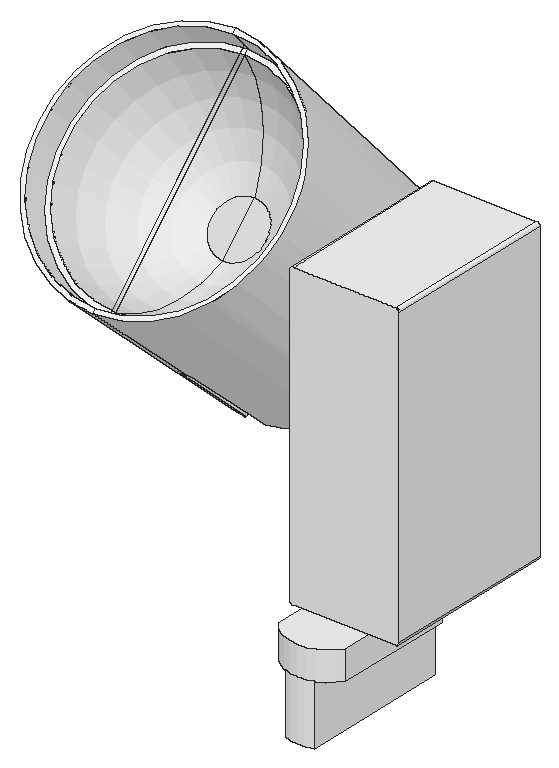
Revit family "0004830 Feilo Sylvania Lighting Fixture START TRACK SPOT L 35W 4K RA80 MB WHITE", category Lighting Fixtures, host Face, Revit 2017 (continued)
Definition of nested family "Start Track Spot Head"
  Types (96, lengths in mm): name | Wattage | built-in parameter 1150134 | Photometric Web File | Model | built-in parameter 1150105 | Lumens | built-in parameter 1150107 | built-in parameter 1150106 | HeadThickness_FEILO | HeadRibOffset_FEILO | HeadRibDepth_FEILO | HeadRibCutWidth_FEILO | HeadRibCutOffset_FEILO | HeadReflectorRadius_FEILO | HeadReflectorOffset_FEILO | HeadLEDRadius_FEILO | HeadHeight_FEILO | HeadDiffusorOffset_FEILO | HeadDiaOut_FEILO | HeadDiaIn_FEILO | HeadAxisFromTop_FEILO | Emit from Circle Diameter | built-in parameter 1150104 | Description | Apparent Load
    0004864 START TRACK SPOT S 24W 3K RA90 WB WHITE | 24 W | (empty or 0) | "0004864.ies" | "START TRACK SPOT S 24W 3K RA90 WB WHITE" | 152.79 (stored number, unit not read) | 1920 lm | 3000 (stored number, unit not read) | 1.5279 (stored number, unit not read) | 1.5 | 4.179 | 55.714 | 7.167 | 50.87 | 50.588 | 55.714 | 9.556 | 117 | 9.435 | 86 | 77.477 | 69.354 | 77.477 | 7.4322 (stored number, unit not read) | "Integrated LED spotlight, Textured White - RAL9016, compact and minimalist design, ideal for retail applications, die-cast aluminium body, passive cooling heatsink. Beam angle: 64°, color temperature: 3000K , total system power: 24W, total fixture output: 1928 lm, LOR: 100%, colour rendering: Ra: 90 typical, LED Chromaticity: 3 step MacAdam ellipse, lifetime: >50000 hours at L70B50, energy class: A++, A+, A, IR/UV free light source without heat radiation, operating voltage: 220-240V / 50-60Hz, drive current: 600mA, electronic driver, non-dimmable, power factor: 0.95, electrical protection: Class II, Global Track 3 Phase adapter suitable for Global trac 3-circuit tracks, ingress protection rating: IP20, suitable for internal environment only, horizontal rotation: 355°, vertical tilt: 90°, dimensions: Ø86x140x200, weight: 0.966kg." | 24 VA
    0004863 START TRACK SPOT S 24W 3K RA90 MB WHITE | 24 W | (empty or 0) | "0004863.ies" | "START TRACK SPOT S 24W 3K RA90 MB WHITE" | 154.7 (stored number, unit not read) | 1944 lm | 3000 (stored number, unit not read) | 1.547 (stored number, unit not read) | 1.5 | 4.179 | 55.714 | 7.167 | 50.87 | 50.588 | 55.714 | 9.556 | 117 | 9.435 | 86 | 77.477 | 69.354 | 77.477 | 7.5251 (stored number, unit not read) | "Integrated LED spotlight, Textured White - RAL9016, compact and minimalist design, ideal for retail applications, die-cast aluminium body, passive cooling heatsink. Beam angle: 36°, color temperature: 3000K , total system power: 24W, total fixture output: 1944 lm, LOR: 100%, colour rendering: Ra: 90 typical, LED Chromaticity: 3 step MacAdam ellipse, lifetime: >50000 hours at L70B50, energy class: A++, A+, A, IR/UV free light source without heat radiation, operating voltage: 220-240V / 50-60Hz, drive current: 600mA, electronic driver, non-dimmable, power factor: 0.95, electrical protection: Class II, Global Track 3 Phase adapter suitable for Global trac 3-circuit tracks, ingress protection rating: IP20, suitable for internal environment only, horizontal rotation: 355°, vertical tilt: 90°, dimensions: Ø86x140x200, weight: 0.966kg." | 24 VA
    0004862 START TRACK SPOT S 24W 3K RA90 NB WHITE | 24 W | (empty or 0) | "0004862.ies" | "START TRACK SPOT S 24W 3K RA90 NB WHITE" | 158.52 (stored number, unit not read) | 1992 lm | 3000 (stored number, unit not read) | 1.5852 (stored number, unit not read) | 1.5 | 4.179 | 55.714 | 7.167 | 50.87 | 50.588 | 55.714 | 9.556 | 117 | 9.435 | 86 | 77.477 | 69.354 | 77.477 | 7.711 (stored number, unit not read) | "Integrated LED spotlight, Textured White - RAL9016, compact and minimalist design, ideal for retail applications, die-cast aluminium body, passive cooling heatsink. Beam angle: 12°, color temperature: 3000K , total system power: 24W, total fixture output: 1987 lm, LOR: 100%, colour rendering: Ra: 90 typical, LED Chromaticity: 3 step MacAdam ellipse, lifetime: >50000 hours at L70B50, energy class: A++, A+, A, IR/UV free light source without heat radiation, operating voltage: 220-240V / 50-60Hz, drive current: 600mA, electronic driver, non-dimmable, power factor: 0.95, electrical protection: Class II, Global Track 3 Phase adapter suitable for Global trac 3-circuit tracks, ingress protection rating: IP20, suitable for internal environment only, horizontal rotation: 355°, vertical tilt: 90°, dimensions: Ø86x140x200, weight: 0.966kg." | 24 VA
    0004861 START TRACK SPOT S 14W 3K RA90 WB WHITE | 14 W | (empty or 0) | "0004861.ies" | "START TRACK SPOT S 14W 3K RA90 WB WHITE" | 100.27 (stored number, unit not read) | 1260 lm | 3000 (stored number, unit not read) | 1.0027 (stored number, unit not read) | 1.5 | 4.179 | 55.714 | 7.167 | 50.87 | 50.588 | 55.714 | 9.556 | 117 | 9.435 | 86 | 77.477 | 69.354 | 77.477 | 8.3613 (stored number, unit not read) | "Integrated LED spotlight, Textured White - RAL9016, compact and minimalist design, ideal for retail applications, die-cast aluminium body, passive cooling heatsink. Beam angle: 64°, color temperature: 3000K , total system power: 14W, total fixture output: 1262 lm, LOR: 100%, colour rendering: Ra: 90 typical, LED Chromaticity: 3 step MacAdam ellipse, lifetime: >50000 hours at L70B50, energy class: A++, A+, A, IR/UV free light source without heat radiation, operating voltage: 220-240V / 50-60Hz, drive current: 350mA, electronic driver, non-dimmable, power factor: 0.92, electrical protection: Class II, Global Track 3 Phase adapter suitable for Global trac 3-circuit tracks, ingress protection rating: IP20, suitable for internal environment only, horizontal rotation: 355°, vertical tilt: 90°, dimensions: Ø86x140x200, weight: 0.940kg." | 14 VA
    0004860 START TRACK SPOT S 14W 3K RA90 MB WHITE | 14 W | (empty or 0) | "0004860.ies" | "START TRACK SPOT S 14W 3K RA90 MB WHITE" | 100.27 (stored number, unit not read) | 1260 lm | 3000 (stored number, unit not read) | 1.0027 (stored number, unit not read) | 1.5 | 4.179 | 55.714 | 7.167 | 50.87 | 50.588 | 55.714 | 9.556 | 117 | 9.435 | 86 | 77.477 | 69.354 | 77.477 | 8.3613 (stored number, unit not read) | "Integrated LED spotlight, Textured White - RAL9016, compact and minimalist design, ideal for retail applications, die-cast aluminium body, passive cooling heatsink. Beam angle: 36°, color temperature: 3000K , total system power: 14W, total fixture output: 1262 lm, LOR: 100%, colour rendering: Ra: 90 typical, LED Chromaticity: 3 step MacAdam ellipse, lifetime: >50000 hours at L70B50, energy class: A++, A+, A, IR/UV free light source without heat radiation, operating voltage: 220-240V / 50-60Hz, drive current: 350mA, electronic driver, non-dimmable, power factor: 0.92, electrical protection: Class II, Global Track 3 Phase adapter suitable for Global trac 3-circuit tracks, ingress protection rating: IP20, suitable for internal environment only, horizontal rotation: 355°, vertical tilt: 90°, dimensions: Ø86x140x200, weight: 0.940kg." | 14 VA
    0004859 START TRACK SPOT S 14W 3K RA90 NB WHITE | 14 W | (empty or 0) | "0004859.ies" | "START TRACK SPOT S 14W 3K RA90 NB WHITE" | 102.5 (stored number, unit not read) | 1288 lm | 3000 (stored number, unit not read) | 1.025 (stored number, unit not read) | 1.5 | 4.179 | 55.714 | 7.167 | 50.87 | 50.588 | 55.714 | 9.556 | 117 | 9.435 | 86 | 77.477 | 69.354 | 77.477 | 8.5471 (stored number, unit not read) | "Integrated LED spotlight, Textured White - RAL9016, compact and minimalist design, ideal for retail applications, die-cast aluminium body, passive cooling heatsink. Beam angle: 12°, color temperature: 3000K , total system power: 14W, total fixture output: 1284 lm, LOR: 100%, colour rendering: Ra: 90 typical, LED Chromaticity: 3 step MacAdam ellipse, lifetime: >50000 hours at L70B50, energy class: A++, A+, A, IR/UV free light source without heat radiation, operating voltage: 220-240V / 50-60Hz, drive current: 350mA, electronic driver, non-dimmable, power factor: 0.92, electrical protection: Class II, Global Track 3 Phase adapter suitable for Global trac 3-circuit tracks, ingress protection rating: IP20, suitable for internal environment only, horizontal rotation: 355°, vertical tilt: 90°, dimensions: Ø86x140x200, weight: 0.940kg." | 14 VA
    0004858 START TRACK SPOT L 55W 4K RA80 WB BLACK | 55 W | 12 | "0004858.ies" | "START TRACK SPOT L 55W 4K RA80 WB BLACK" | 424.55 (stored number, unit not read) | 5335 lm | 4000 (stored number, unit not read) | 4.2455 (stored number, unit not read) | 2 | 4.429 | 59.048 | 9.417 | 53.913 | 66.471 | 59.048 | 12.556 | 124 | 10 | 113 | 101.802 | 73.503 | 101.802 | 9.0116 (stored number, unit not read) | "Integrated LED spotlight, Textured Black - RAL9005, compact and minimalist design, ideal for retail applications, die-cast aluminium body, passive cooling heatsink. Beam angle: 52°, color temperature: 4000K , total system power: 55W, total fixture output: 5320 lm, LOR: 100%, colour rendering: Ra: 80 typical, LED Chromaticity: 3 step MacAdam ellipse, lifetime: >50000 hours at L70B50, energy class: A++, A+, A, IR/UV free light source without heat radiation, operating voltage: 220-240V / 50-60Hz, drive current: 1400mA, electronic driver, non-dimmable, power factor: 0.96, electrical protection: Class II, Global Track 3 Phase adapter suitable for Global trac 3-circuit tracks, ingress protection rating: IP20, suitable for internal environment only, horizontal rotation: 355°, vertical tilt: 90°, dimensions: Ø113x164x240, weight: 1.398kg." | 55 VA
    0004857 START TRACK SPOT L 55W 4K RA80 MB BLACK | 55 W | 12 | "0004857.ies" | "START TRACK SPOT L 55W 4K RA80 MB BLACK" | 428.92 (stored number, unit not read) | 5390 lm | 4000 (stored number, unit not read) | 4.2892 (stored number, unit not read) | 2 | 4.429 | 59.048 | 9.417 | 53.913 | 66.471 | 59.048 | 12.556 | 124 | 10 | 113 | 101.802 | 73.503 | 101.802 | 9.1045 (stored number, unit not read) | "Integrated LED spotlight, Textured Black - RAL9005, compact and minimalist design, ideal for retail applications, die-cast aluminium body, passive cooling heatsink. Beam angle: 38°, color temperature: 4000K , total system power: 55W, total fixture output: 5378 lm, LOR: 100%, colour rendering: Ra: 80 typical, LED Chromaticity: 3 step MacAdam ellipse, lifetime: >50000 hours at L70B50, energy class: A++, A+, A, IR/UV free light source without heat radiation, operating voltage: 220-240V / 50-60Hz, drive current: 1400mA, electronic driver, non-dimmable, power factor: 0.96, electrical protection: Class II, Global Track 3 Phase adapter suitable for Global trac 3-circuit tracks, ingress protection rating: IP20, suitable for internal environment only, horizontal rotation: 355°, vertical tilt: 90°, dimensions: Ø113x164x240, weight: 1.398kg." | 55 VA
    0004856 START TRACK SPOT L 55W 4K RA80 NB BLACK | 55 W | 12 | "0004856.ies" | "START TRACK SPOT L 55W 4K RA80 NB BLACK" | 433.3 (stored number, unit not read) | 5445 lm | 4000 (stored number, unit not read) | 4.333 (stored number, unit not read) | 2 | 4.429 | 59.048 | 9.417 | 53.913 | 66.471 | 59.048 | 12.556 | 124 | 10 | 113 | 101.802 | 73.503 | 101.802 | 9.1974 (stored number, unit not read) | "Integrated LED spotlight, Textured Black - RAL9005, compact and minimalist design, ideal for retail applications, die-cast aluminium body, passive cooling heatsink. Beam angle: 15°, color temperature: 4000K , total system power: 55W, total fixture output: 5426 lm, LOR: 100%, colour rendering: Ra: 80 typical, LED Chromaticity: 3 step MacAdam ellipse, lifetime: >50000 hours at L70B50, energy class: A++, A+, A, IR/UV free light source without heat radiation, operating voltage: 220-240V / 50-60Hz, drive current: 1400mA, electronic driver, non-dimmable, power factor: 0.96, electrical protection: Class II, Global Track 3 Phase adapter suitable for Global trac 3-circuit tracks, ingress protection rating: IP20, suitable for internal environment only, horizontal rotation: 355°, vertical tilt: 90°, dimensions: Ø113x164x240, weight: 1.398kg." | 55 VA
    0004855 START TRACK SPOT L 35W 4K RA80 WB BLACK | 35 W | 12 | "0004855.ies" | "START TRACK SPOT L 35W 4K RA80 WB BLACK" | 320.3 (stored number, unit not read) | 4025 lm | 4000 (stored number, unit not read) | 3.203 (stored number, unit not read) | 2 | 4.429 | 59.048 | 9.417 | 53.913 | 66.471 | 59.048 | 12.556 | 124 | 10 | 113 | 101.802 | 73.503 | 101.802 | 10.684 (stored number, unit not read) | "Integrated LED spotlight, Textured Black - RAL9005, compact and minimalist design, ideal for retail applications, die-cast aluminium body, passive cooling heatsink. Beam angle: 52°, color temperature: 4000K , total system power: 35W, total fixture output: 4010 lm, LOR: 100%, colour rendering: Ra: 80 typical, LED Chromaticity: 3 step MacAdam ellipse, lifetime: >50000 hours at L70B50, energy class: A++, A+, A, IR/UV free light source without heat radiation, operating voltage: 220-240V / 50-60Hz, drive current: 900mA, electronic driver, non-dimmable, power factor: 0.93, electrical protection: Class II, Global Track 3 Phase adapter suitable for Global trac 3-circuit tracks, ingress protection rating: IP20, suitable for internal environment only, horizontal rotation: 355°, vertical tilt: 90°, dimensions: Ø113x164x240, weight: 1.368kg." | 35 VA
    0004854 START TRACK SPOT L 35W 4K RA80 MB BLACK | 35 W | 12 | "0004854.ies" | "START TRACK SPOT L 35W 4K RA80 MB BLACK" | 320.3 (stored number, unit not read) | 4025 lm | 4000 (stored number, unit not read) | 3.203 (stored number, unit not read) | 2 | 4.429 | 59.048 | 9.417 | 53.913 | 66.471 | 59.048 | 12.556 | 124 | 10 | 113 | 101.802 | 73.503 | 101.802 | 10.684 (stored number, unit not read) | "Integrated LED spotlight, Textured Black - RAL9005, compact and minimalist design, ideal for retail applications, die-cast aluminium body, passive cooling heatsink. Beam angle: 38°, color temperature: 4000K , total system power: 35W, total fixture output: 4017 lm, LOR: 100%, colour rendering: Ra: 80 typical, LED Chromaticity: 3 step MacAdam ellipse, lifetime: >50000 hours at L70B50, energy class: A++, A+, A, IR/UV free light source without heat radiation, operating voltage: 220-240V / 50-60Hz, drive current: 900mA, electronic driver, non-dimmable, power factor: 0.93, electrical protection: Class II, Global Track 3 Phase adapter suitable for Global trac 3-circuit tracks, ingress protection rating: IP20, suitable for internal environment only, horizontal rotation: 355°, vertical tilt: 90°, dimensions: Ø113x164x240, weight: 1.368kg." | 35 VA
    0004853 START TRACK SPOT L 35W 4K RA80 NB BLACK | 35 W | 12 | "0004853.ies" | "START TRACK SPOT L 35W 4K RA80 NB BLACK" | 331.44 (stored number, unit not read) | 4165 lm | 4000 (stored number, unit not read) | 3.3144 (stored number, unit not read) | 2 | 4.429 | 59.048 | 9.417 | 53.913 | 66.471 | 59.048 | 12.556 | 124 | 10 | 113 | 101.802 | 73.503 | 101.802 | 11.055 (stored number, unit not read) | "Integrated LED spotlight, Textured Black - RAL9005, compact and minimalist design, ideal for retail applications, die-cast aluminium body, passive cooling heatsink. Beam angle: 15°, color temperature: 4000K , total system power: 35W, total fixture output: 4174 lm, LOR: 100%, colour rendering: Ra: 80 typical, LED Chromaticity: 3 step MacAdam ellipse, lifetime: >50000 hours at L70B50, energy class: A++, A+, A, IR/UV free light source without heat radiation, operating voltage: 220-240V / 50-60Hz, drive current: 900mA, electronic driver, non-dimmable, power factor: 0.93, electrical protection: Class II, Global Track 3 Phase adapter suitable for Global trac 3-circuit tracks, ingress protection rating: IP20, suitable for internal environment only, horizontal rotation: 355°, vertical tilt: 90°, dimensions: Ø113x164x240, weight: 1.368kg." | 35 VA
    0004852 START TRACK SPOT S 24W 4K RA80 WB BLACK | 24 W | 12 | "0004852.ies" | "START TRACK SPOT S 24W 4K RA80 WB BLACK" | 196.72 (stored number, unit not read) | 2472 lm | 4000 (stored number, unit not read) | 1.9672 (stored number, unit not read) | 1.5 | 4.179 | 55.714 | 7.167 | 50.87 | 50.588 | 55.714 | 9.556 | 117 | 9.435 | 86 | 77.477 | 69.354 | 77.477 | 9.569 (stored number, unit not read) | "Integrated LED spotlight, Textured Black - RAL9005, compact and minimalist design, ideal for retail applications, die-cast aluminium body, passive cooling heatsink. Beam angle: 64°, color temperature: 4000K , total system power: 24W, total fixture output: 2476 lm, LOR: 100%, colour rendering: Ra: 80 typical, LED Chromaticity: 3 step MacAdam ellipse, lifetime: >50000 hours at L70B50, energy class: A++, A+, A, IR/UV free light source without heat radiation, operating voltage: 220-240V / 50-60Hz, drive current: 600mA, electronic driver, non-dimmable, power factor: 0.95, electrical protection: Class II, Global Track 3 Phase adapter suitable for Global trac 3-circuit tracks, ingress protection rating: IP20, suitable for internal environment only, horizontal rotation: 355°, vertical tilt: 90°, dimensions: Ø86x140x200, weight: 0.966kg." | 24 VA
    0004851 START TRACK SPOT S 24W 4K RA80 MB BLACK | 24 W | 12 | "0004851.ies" | "START TRACK SPOT S 24W 4K RA80 MB BLACK" | 198.63 (stored number, unit not read) | 2496 lm | 4000 (stored number, unit not read) | 1.9863 (stored number, unit not read) | 1.5 | 4.179 | 55.714 | 7.167 | 50.87 | 50.588 | 55.714 | 9.556 | 117 | 9.435 | 86 | 77.477 | 69.354 | 77.477 | 9.6619 (stored number, unit not read) | "Integrated LED spotlight, Textured Black - RAL9005, compact and minimalist design, ideal for retail applications, die-cast aluminium body, passive cooling heatsink. Beam angle: 36°, color temperature: 4000K , total system power: 24W, total fixture output: 2487 lm, LOR: 100%, colour rendering: Ra: 80 typical, LED Chromaticity: 3 step MacAdam ellipse, lifetime: >50000 hours at L70B50, energy class: A++, A+, A, IR/UV free light source without heat radiation, operating voltage: 220-240V / 50-60Hz, drive current: 600mA, electronic driver, non-dimmable, power factor: 0.95, electrical protection: Class II, Global Track 3 Phase adapter suitable for Global trac 3-circuit tracks, ingress protection rating: IP20, suitable for internal environment only, horizontal rotation: 355°, vertical tilt: 90°, dimensions: Ø86x140x200, weight: 0.966kg." | 24 VA
    0004850 START TRACK SPOT S 24W 4K RA80 NB BLACK | 24 W | 12 | "0004850.ies" | "START TRACK SPOT S 24W 4K RA80 NB BLACK" | 200.54 (stored number, unit not read) | 2520 lm | 4000 (stored number, unit not read) | 2.0054 (stored number, unit not read) | 1.5 | 4.179 | 55.714 | 7.167 | 50.87 | 50.588 | 55.714 | 9.556 | 117 | 9.435 | 86 | 77.477 | 69.354 | 77.477 | 9.7548 (stored number, unit not read) | "Integrated LED spotlight, Textured Black - RAL9005, compact and minimalist design, ideal for retail applications, die-cast aluminium body, passive cooling heatsink. Beam angle: 12°, color temperature: 4000K , total system power: 24W, total fixture output: 2529 lm, LOR: 100%, colour rendering: Ra: 80 typical, LED Chromaticity: 3 step MacAdam ellipse, lifetime: >50000 hours at L70B50, energy class: A++, A+, A, IR/UV free light source without heat radiation, operating voltage: 220-240V / 50-60Hz, drive current: 600mA, electronic driver, non-dimmable, power factor: 0.95, electrical protection: Class II, Global Track 3 Phase adapter suitable for Global trac 3-circuit tracks, ingress protection rating: IP20, suitable for internal environment only, horizontal rotation: 355°, vertical tilt: 90°, dimensions: Ø86x140x200, weight: 0.966kg." | 24 VA
    0004849 START TRACK SPOT S 14W 4K RA80 WB BLACK | 14 W | 12 | "0004849.ies" | "START TRACK SPOT S 14W 4K RA80 WB BLACK" | 123.66 (stored number, unit not read) | 1554 lm | 4000 (stored number, unit not read) | 1.2366 (stored number, unit not read) | 1.5 | 4.179 | 55.714 | 7.167 | 50.87 | 50.588 | 55.714 | 9.556 | 117 | 9.435 | 86 | 77.477 | 69.354 | 77.477 | 10.312 (stored number, unit not read) | "Integrated LED spotlight, Textured Black - RAL9005, compact and minimalist design, ideal for retail applications, die-cast aluminium body, passive cooling heatsink. Beam angle: 64°, color temperature: 4000K , total system power: 14W, total fixture output: 1558 lm, LOR: 100%, colour rendering: Ra: 80 typical, LED Chromaticity: 3 step MacAdam ellipse, lifetime: >50000 hours at L70B50, energy class: A++, A+, A, IR/UV free light source without heat radiation, operating voltage: 220-240V / 50-60Hz, drive current: 350mA, electronic driver, non-dimmable, power factor: 0.92, electrical protection: Class II, Global Track 3 Phase adapter suitable for Global trac 3-circuit tracks, ingress protection rating: IP20, suitable for internal environment only, horizontal rotation: 355°, vertical tilt: 90°, dimensions: Ø86x140x200, weight: 0.940kg." | 14 VA
    0004848 START TRACK SPOT S 14W 4K RA80 MB BLACK | 14 W | 12 | "0004848.ies" | "START TRACK SPOT S 14W 4K RA80 MB BLACK" | 127.01 (stored number, unit not read) | 1596 lm | 4000 (stored number, unit not read) | 1.2701 (stored number, unit not read) | 1.5 | 4.179 | 55.714 | 7.167 | 50.87 | 50.588 | 55.714 | 9.556 | 117 | 9.435 | 86 | 77.477 | 69.354 | 77.477 | 10.591 (stored number, unit not read) | "Integrated LED spotlight, Textured Black - RAL9005, compact and minimalist design, ideal for retail applications, die-cast aluminium body, passive cooling heatsink. Beam angle: 36°, color temperature: 4000K , total system power: 14W, total fixture output: 1598 lm, LOR: 100%, colour rendering: Ra: 80 typical, LED Chromaticity: 3 step MacAdam ellipse, lifetime: >50000 hours at L70B50, energy class: A++, A+, A, IR/UV free light source without heat radiation, operating voltage: 220-240V / 50-60Hz, drive current: 350mA, electronic driver, non-dimmable, power factor: 0.92, electrical protection: Class II, Global Track 3 Phase adapter suitable for Global trac 3-circuit tracks, ingress protection rating: IP20, suitable for internal environment only, horizontal rotation: 355°, vertical tilt: 90°, dimensions: Ø86x140x200, weight: 0.940kg." | 14 VA
    0004847 START TRACK SPOT S 14W 4K RA80 NB BLACK | 14 W | 12 | "0004847.ies" | "START TRACK SPOT S 14W 4K RA80 NB BLACK" | 128.12 (stored number, unit not read) | 1610 lm | 4000 (stored number, unit not read) | 1.2812 (stored number, unit not read) | 1.5 | 4.179 | 55.714 | 7.167 | 50.87 | 50.588 | 55.714 | 9.556 | 117 | 9.435 | 86 | 77.477 | 69.354 | 77.477 | 10.684 (stored number, unit not read) | "Integrated LED spotlight, Textured Black - RAL9005, compact and minimalist design, ideal for retail applications, die-cast aluminium body, passive cooling heatsink. Beam angle: 12°, color temperature: 4000K , total system power: 14W, total fixture output: 1608 lm, LOR: 100%, colour rendering: Ra: 80 typical, LED Chromaticity: 3 step MacAdam ellipse, lifetime: >50000 hours at L70B50, energy class: A++, A+, A, IR/UV free light source without heat radiation, operating voltage: 220-240V / 50-60Hz, drive current: 350mA, electronic driver, non-dimmable, power factor: 0.92, electrical protection: Class II, Global Track 3 Phase adapter suitable for Global trac 3-circuit tracks, ingress protection rating: IP20, suitable for internal environment only, horizontal rotation: 355°, vertical tilt: 90°, dimensions: Ø86x140x200, weight: 0.940kg." | 14 VA
    0004846 START TRACK SPOT L 55W 3K RA80 WB BLACK | 55 W | (empty or 0) | "0004846.ies" | "START TRACK SPOT L 55W 3K RA80 WB BLACK" | 420.17 (stored number, unit not read) | 5280 lm | 3000 (stored number, unit not read) | 4.2017 (stored number, unit not read) | 2 | 4.429 | 59.048 | 9.417 | 53.913 | 66.471 | 59.048 | 12.556 | 124 | 10 | 113 | 101.802 | 73.503 | 101.802 | 8.9187 (stored number, unit not read) | "Integrated LED spotlight, Textured Black - RAL9005, compact and minimalist design, ideal for retail applications, die-cast aluminium body, passive cooling heatsink. Beam angle: 52°, color temperature: 3000K , total system power: 55W, total fixture output: 5298 lm, LOR: 100%, colour rendering: Ra: 80 typical, LED Chromaticity: 3 step MacAdam ellipse, lifetime: >50000 hours at L70B50, energy class: A++, A+, A, IR/UV free light source without heat radiation, operating voltage: 220-240V / 50-60Hz, drive current: 1400mA, electronic driver, non-dimmable, power factor: 0.96, electrical protection: Class II, Global Track 3 Phase adapter suitable for Global trac 3-circuit tracks, ingress protection rating: IP20, suitable for internal environment only, horizontal rotation: 355°, vertical tilt: 90°, dimensions: Ø113x164x240, weight: 1.398kg." | 55 VA
    0004845 START TRACK SPOT L 55W 3K RA80 MB BLACK | 55 W | (empty or 0) | "0004845.ies" | "START TRACK SPOT L 55W 3K RA80 MB BLACK" | 428.92 (stored number, unit not read) | 5390 lm | 3000 (stored number, unit not read) | 4.2892 (stored number, unit not read) | 2 | 4.429 | 59.048 | 9.417 | 53.913 | 66.471 | 59.048 | 12.556 | 124 | 10 | 113 | 101.802 | 73.503 | 101.802 | 9.1045 (stored number, unit not read) | "Integrated LED spotlight, Textured Black - RAL9005, compact and minimalist design, ideal for retail applications, die-cast aluminium body, passive cooling heatsink. Beam angle: 38°, color temperature: 3000K , total system power: 55W, total fixture output: 5381 lm, LOR: 100%, colour rendering: Ra: 80 typical, LED Chromaticity: 3 step MacAdam ellipse, lifetime: >50000 hours at L70B50, energy class: A++, A+, A, IR/UV free light source without heat radiation, operating voltage: 220-240V / 50-60Hz, drive current: 1400mA, electronic driver, non-dimmable, power factor: 0.96, electrical protection: Class II, Global Track 3 Phase adapter suitable for Global trac 3-circuit tracks, ingress protection rating: IP20, suitable for internal environment only, horizontal rotation: 355°, vertical tilt: 90°, dimensions: Ø113x164x240, weight: 1.398kg." | 55 VA
    0004844 START TRACK SPOT L 55W 3K RA80 NB BLACK | 55 W | (empty or 0) | "0004844.ies" | "START TRACK SPOT L 55W 3K RA80 NB BLACK" | 433.3 (stored number, unit not read) | 5445 lm | 3000 (stored number, unit not read) | 4.333 (stored number, unit not read) | 2 | 4.429 | 59.048 | 9.417 | 53.913 | 66.471 | 59.048 | 12.556 | 124 | 10 | 113 | 101.802 | 73.503 | 101.802 | 9.1974 (stored number, unit not read) | "Integrated LED spotlight, Textured Black - RAL9005, compact and minimalist design, ideal for retail applications, die-cast aluminium body, passive cooling heatsink. Beam angle: 15°, color temperature: 3000K , total system power: 55W, total fixture output: 5449 lm, LOR: 100%, colour rendering: Ra: 80 typical, LED Chromaticity: 3 step MacAdam ellipse, lifetime: >50000 hours at L70B50, energy class: A++, A+, A, IR/UV free light source without heat radiation, operating voltage: 220-240V / 50-60Hz, drive current: 1400mA, electronic driver, non-dimmable, power factor: 0.96, electrical protection: Class II, Global Track 3 Phase adapter suitable for Global trac 3-circuit tracks, ingress protection rating: IP20, suitable for internal environment only, horizontal rotation: 355°, vertical tilt: 90°, dimensions: Ø113x164x240, weight: 1.398kg." | 55 VA
    0004843 START TRACK SPOT L 35W 3K RA80 WB BLACK | 35 W | (empty or 0) | "0004843.ies" | "START TRACK SPOT L 35W 3K RA80 WB BLACK" | 314.73 (stored number, unit not read) | 3955 lm | 3000 (stored number, unit not read) | 3.1473 (stored number, unit not read) | 2 | 4.429 | 59.048 | 9.417 | 53.913 | 66.471 | 59.048 | 12.556 | 124 | 10 | 113 | 101.802 | 73.503 | 101.802 | 10.498 (stored number, unit not read) | "Integrated LED spotlight, Textured Black - RAL9005, compact and minimalist design, ideal for retail applications, die-cast aluminium body, passive cooling heatsink. Beam angle: 52°, color temperature: 3000K , total system power: 35W, total fixture output: 3943 lm, LOR: 100%, colour rendering: Ra: 80 typical, LED Chromaticity: 3 step MacAdam ellipse, lifetime: >50000 hours at L70B50, energy class: A++, A+, A, IR/UV free light source without heat radiation, operating voltage: 220-240V / 50-60Hz, drive current: 900mA, electronic driver, non-dimmable, power factor: 0.93, electrical protection: Class II, Global Track 3 Phase adapter suitable for Global trac 3-circuit tracks, ingress protection rating: IP20, suitable for internal environment only, horizontal rotation: 355°, vertical tilt: 90°, dimensions: Ø113x164x240, weight: 1.368kg." | 35 VA
    0004842 START TRACK SPOT L 35W 3K RA80 MB BLACK | 35 W | (empty or 0) | "0004842.ies" | "START TRACK SPOT L 35W 3K RA80 MB BLACK" | 320.3 (stored number, unit not read) | 4025 lm | 3000 (stored number, unit not read) | 3.203 (stored number, unit not read) | 2 | 4.429 | 59.048 | 9.417 | 53.913 | 66.471 | 59.048 | 12.556 | 124 | 10 | 113 | 101.802 | 73.503 | 101.802 | 10.684 (stored number, unit not read) | "Integrated LED spotlight, Textured Black - RAL9005, compact and minimalist design, ideal for retail applications, die-cast aluminium body, passive cooling heatsink. Beam angle: 38°, color temperature: 3000K , total system power: 35W, total fixture output: 4008 lm, LOR: 100%, colour rendering: Ra: 80 typical, LED Chromaticity: 3 step MacAdam ellipse, lifetime: >50000 hours at L70B50, energy class: A++, A+, A, IR/UV free light source without heat radiation, operating voltage: 220-240V / 50-60Hz, drive current: 900mA, electronic driver, non-dimmable, power factor: 0.93, electrical protection: Class II, Global Track 3 Phase adapter suitable for Global trac 3-circuit tracks, ingress protection rating: IP20, suitable for internal environment only, horizontal rotation: 355°, vertical tilt: 90°, dimensions: Ø113x164x240, weight: 1.368kg." | 35 VA
    0004841 START TRACK SPOT L 35W 3K RA80 NB BLACK | 35 W | (empty or 0) | "0004841.ies" | "START TRACK SPOT L 35W 3K RA80 NB BLACK" | 317.51 (stored number, unit not read) | 3990 lm | 3000 (stored number, unit not read) | 3.1751 (stored number, unit not read) | 2 | 4.429 | 59.048 | 9.417 | 53.913 | 66.471 | 59.048 | 12.556 | 124 | 10 | 113 | 101.802 | 73.503 | 101.802 | 10.591 (stored number, unit not read) | "Integrated LED spotlight, Textured Black - RAL9005, compact and minimalist design, ideal for retail applications, die-cast aluminium body, passive cooling heatsink. Beam angle: 15°, color temperature: 3000K , total system power: 35W, total fixture output: 4005 lm, LOR: 100%, colour rendering: Ra: 80 typical, LED Chromaticity: 3 step MacAdam ellipse, lifetime: >50000 hours at L70B50, energy class: A++, A+, A, IR/UV free light source without heat radiation, operating voltage: 220-240V / 50-60Hz, drive current: 900mA, electronic driver, non-dimmable, power factor: 0.93, electrical protection: Class II, Global Track 3 Phase adapter suitable for Global trac 3-circuit tracks, ingress protection rating: IP20, suitable for internal environment only, horizontal rotation: 355°, vertical tilt: 90°, dimensions: Ø113x164x240, weight: 1.368kg." | 35 VA
    0004840 START TRACK SPOT S 24W 3K RA80 WB BLACK | 24 W | (empty or 0) | "0004840.ies" | "START TRACK SPOT S 24W 3K RA80 WB BLACK" | 185.26 (stored number, unit not read) | 2328 lm | 3000 (stored number, unit not read) | 1.8526 (stored number, unit not read) | 1.5 | 4.179 | 55.714 | 7.167 | 50.87 | 50.588 | 55.714 | 9.556 | 117 | 9.435 | 86 | 77.477 | 69.354 | 77.477 | 9.0116 (stored number, unit not read) | "Integrated LED spotlight, Textured Black - RAL9005, compact and minimalist design, ideal for retail applications, die-cast aluminium body, passive cooling heatsink. Beam angle: 64°, color temperature: 3000K , total system power: 24W, total fixture output: 2318 lm, LOR: 100%, colour rendering: Ra: 80 typical, LED Chromaticity: 3 step MacAdam ellipse, lifetime: >50000 hours at L70B50, energy class: A++, A+, A, IR/UV free light source without heat radiation, operating voltage: 220-240V / 50-60Hz, drive current: 600mA, electronic driver, non-dimmable, power factor: 0.95, electrical protection: Class II, Global Track 3 Phase adapter suitable for Global trac 3-circuit tracks, ingress protection rating: IP20, suitable for internal environment only, horizontal rotation: 355°, vertical tilt: 90°, dimensions: Ø86x140x200, weight: 0.966kg." | 24 VA
    0004839 START TRACK SPOT S 24W 3K RA80 MB BLACK | 24 W | (empty or 0) | "0004839.ies" | "START TRACK SPOT S 24W 3K RA80 MB BLACK" | 183.35 (stored number, unit not read) | 2304 lm | 3000 (stored number, unit not read) | 1.8335 (stored number, unit not read) | 1.5 | 4.179 | 55.714 | 7.167 | 50.87 | 50.588 | 55.714 | 9.556 | 117 | 9.435 | 86 | 77.477 | 69.354 | 77.477 | 8.9187 (stored number, unit not read) | "Integrated LED spotlight, Textured Black - RAL9005, compact and minimalist design, ideal for retail applications, die-cast aluminium body, passive cooling heatsink. Beam angle: 36°, color temperature: 3000K , total system power: 24W, total fixture output: 2314 lm, LOR: 100%, colour rendering: Ra: 80 typical, LED Chromaticity: 3 step MacAdam ellipse, lifetime: >50000 hours at L70B50, energy class: A++, A+, A, IR/UV free light source without heat radiation, operating voltage: 220-240V / 50-60Hz, drive current: 600mA, electronic driver, non-dimmable, power factor: 0.95, electrical protection: Class II, Global Track 3 Phase adapter suitable for Global trac 3-circuit tracks, ingress protection rating: IP20, suitable for internal environment only, horizontal rotation: 355°, vertical tilt: 90°, dimensions: Ø86x140x200, weight: 0.966kg." | 24 VA
    0004838 START TRACK SPOT S 24W 3K RA80 NB BLACK | 24 W | (empty or 0) | "0004838.ies" | "START TRACK SPOT S 24W 3K RA80 NB BLACK" | 185.26 (stored number, unit not read) | 2328 lm | 3000 (stored number, unit not read) | 1.8526 (stored number, unit not read) | 1.5 | 4.179 | 55.714 | 7.167 | 50.87 | 50.588 | 55.714 | 9.556 | 117 | 9.435 | 86 | 77.477 | 69.354 | 77.477 | 9.0116 (stored number, unit not read) | "Integrated LED spotlight, Textured Black - RAL9005, compact and minimalist design, ideal for retail applications, die-cast aluminium body, passive cooling heatsink. Beam angle: 12°, color temperature: 3000K , total system power: 24W, total fixture output: 2334 lm, LOR: 100%, colour rendering: Ra: 80 typical, LED Chromaticity: 3 step MacAdam ellipse, lifetime: >50000 hours at L70B50, energy class: A++, A+, A, IR/UV free light source without heat radiation, operating voltage: 220-240V / 50-60Hz, drive current: 600mA, electronic driver, non-dimmable, power factor: 0.95, electrical protection: Class II, Global Track 3 Phase adapter suitable for Global trac 3-circuit tracks, ingress protection rating: IP20, suitable for internal environment only, horizontal rotation: 355°, vertical tilt: 90°, dimensions: Ø86x140x200, weight: 0.966kg." | 24 VA
    0004837 START TRACK SPOT S 14W 3K RA80 WB BLACK | 14 W | (empty or 0) | "0004837.ies" | "START TRACK SPOT S 14W 3K RA80 WB BLACK" | 119.21 (stored number, unit not read) | 1498 lm | 3000 (stored number, unit not read) | 1.1921 (stored number, unit not read) | 1.5 | 4.179 | 55.714 | 7.167 | 50.87 | 50.588 | 55.714 | 9.556 | 117 | 9.435 | 86 | 77.477 | 69.354 | 77.477 | 9.9406 (stored number, unit not read) | "Integrated LED spotlight, Textured Black - RAL9005, compact and minimalist design, ideal for retail applications, die-cast aluminium body, passive cooling heatsink. Beam angle: 64°, color temperature: 3000K , total system power: 14W, total fixture output: 1498 lm, LOR: 100%, colour rendering: Ra: 80 typical, LED Chromaticity: 3 step MacAdam ellipse, lifetime: >50000 hours at L70B50, energy class: A++, A+, A, IR/UV free light source without heat radiation, operating voltage: 220-240V / 50-60Hz, drive current: 350mA, electronic driver, non-dimmable, power factor: 0.92, electrical protection: Class II, Global Track 3 Phase adapter suitable for Global trac 3-circuit tracks, ingress protection rating: IP20, suitable for internal environment only, horizontal rotation: 355°, vertical tilt: 90°, dimensions: Ø86x140x200, weight: 0.940kg." | 14 VA
    0004836 START TRACK SPOT S 14W 3K RA80 MB BLACK | 14 W | (empty or 0) | "0004836.ies" | "START TRACK SPOT S 14W 3K RA80 MB BLACK" | 120.32 (stored number, unit not read) | 1512 lm | 3000 (stored number, unit not read) | 1.2032 (stored number, unit not read) | 1.5 | 4.179 | 55.714 | 7.167 | 50.87 | 50.588 | 55.714 | 9.556 | 117 | 9.435 | 86 | 77.477 | 69.354 | 77.477 | 10.034 (stored number, unit not read) | "Integrated LED spotlight, Textured Black - RAL9005, compact and minimalist design, ideal for retail applications, die-cast aluminium body, passive cooling heatsink. Beam angle: 36°, color temperature: 3000K , total system power: 14W, total fixture output: 1508 lm, LOR: 100%, colour rendering: Ra: 80 typical, LED Chromaticity: 3 step MacAdam ellipse, lifetime: >50000 hours at L70B50, energy class: A++, A+, A, IR/UV free light source without heat radiation, operating voltage: 220-240V / 50-60Hz, drive current: 350mA, electronic driver, non-dimmable, power factor: 0.92, electrical protection: Class II, Global Track 3 Phase adapter suitable for Global trac 3-circuit tracks, ingress protection rating: IP20, suitable for internal environment only, horizontal rotation: 355°, vertical tilt: 90°, dimensions: Ø86x140x200, weight: 0.940kg." | 14 VA
    0004835 START TRACK SPOT S 14W 3K RA80 NB BLACK | 14 W | (empty or 0) | "0004835.ies" | "START TRACK SPOT S 14W 3K RA80 NB BLACK" | 123.66 (stored number, unit not read) | 1554 lm | 3000 (stored number, unit not read) | 1.2366 (stored number, unit not read) | 1.5 | 4.179 | 55.714 | 7.167 | 50.87 | 50.588 | 55.714 | 9.556 | 117 | 9.435 | 86 | 77.477 | 69.354 | 77.477 | 10.312 (stored number, unit not read) | "Integrated LED spotlight, Textured Black - RAL9005, compact and minimalist design, ideal for retail applications, die-cast aluminium body, passive cooling heatsink. Beam angle: 12°, color temperature: 3000K , total system power: 14W, total fixture output: 1551 lm, LOR: 100%, colour rendering: Ra: 80 typical, LED Chromaticity: 3 step MacAdam ellipse, lifetime: >50000 hours at L70B50, energy class: A++, A+, A, IR/UV free light source without heat radiation, operating voltage: 220-240V / 50-60Hz, drive current: 350mA, electronic driver, non-dimmable, power factor: 0.92, electrical protection: Class II, Global Track 3 Phase adapter suitable for Global trac 3-circuit tracks, ingress protection rating: IP20, suitable for internal environment only, horizontal rotation: 355°, vertical tilt: 90°, dimensions: Ø86x140x200, weight: 0.940kg." | 14 VA
    0004834 START TRACK SPOT L 55W 4K RA80 WB WHITE | 55 W | 12 | "0004834.ies" | "START TRACK SPOT L 55W 4K RA80 WB WHITE" | 424.55 (stored number, unit not read) | 5335 lm | 4000 (stored number, unit not read) | 4.2455 (stored number, unit not read) | 2 | 4.429 | 59.048 | 9.417 | 53.913 | 66.471 | 59.048 | 12.556 | 124 | 10 | 113 | 101.802 | 73.503 | 101.802 | 9.0116 (stored number, unit not read) | "Integrated LED spotlight, Textured White - RAL9016, compact and minimalist design, ideal for retail applications, die-cast aluminium body, passive cooling heatsink. Beam angle: 52°, color temperature: 4000K , total system power: 55W, total fixture output: 5320 lm, LOR: 100%, colour rendering: Ra: 80 typical, LED Chromaticity: 3 step MacAdam ellipse, lifetime: >50000 hours at L70B50, energy class: A++, A+, A, IR/UV free light source without heat radiation, operating voltage: 220-240V / 50-60Hz, drive current: 1400mA, electronic driver, non-dimmable, power factor: 0.96, electrical protection: Class II, Global Track 3 Phase adapter suitable for Global trac 3-circuit tracks, ingress protection rating: IP20, suitable for internal environment only, horizontal rotation: 355°, vertical tilt: 90°, dimensions: Ø113x164x240, weight: 1.398kg." | 55 VA
    0004833 START TRACK SPOT L 55W 4K RA80 MB WHITE | 55 W | 12 | "0004833.ies" | "START TRACK SPOT L 55W 4K RA80 MB WHITE" | 428.92 (stored number, unit not read) | 5390 lm | 4000 (stored number, unit not read) | 4.2892 (stored number, unit not read) | 2 | 4.429 | 59.048 | 9.417 | 53.913 | 66.471 | 59.048 | 12.556 | 124 | 10 | 113 | 101.802 | 73.503 | 101.802 | 9.1045 (stored number, unit not read) | "Integrated LED spotlight, Textured White - RAL9016, compact and minimalist design, ideal for retail applications, die-cast aluminium body, passive cooling heatsink. Beam angle: 38°, color temperature: 4000K , total system power: 55W, total fixture output: 5378 lm, LOR: 100%, colour rendering: Ra: 80 typical, LED Chromaticity: 3 step MacAdam ellipse, lifetime: >50000 hours at L70B50, energy class: A++, A+, A, IR/UV free light source without heat radiation, operating voltage: 220-240V / 50-60Hz, drive current: 1400mA, electronic driver, non-dimmable, power factor: 0.96, electrical protection: Class II, Global Track 3 Phase adapter suitable for Global trac 3-circuit tracks, ingress protection rating: IP20, suitable for internal environment only, horizontal rotation: 355°, vertical tilt: 90°, dimensions: Ø113x164x240, weight: 1.398kg." | 55 VA
    0004832 START TRACK SPOT L 55W 4K RA80 NB WHITE | 55 W | 12 | "0004832.ies" | "START TRACK SPOT L 55W 4K RA80 NB WHITE" | 433.3 (stored number, unit not read) | 5445 lm | 4000 (stored number, unit not read) | 4.333 (stored number, unit not read) | 2 | 4.429 | 59.048 | 9.417 | 53.913 | 66.471 | 59.048 | 12.556 | 124 | 10 | 113 | 101.802 | 73.503 | 101.802 | 9.1974 (stored number, unit not read) | "Integrated LED spotlight, Textured White - RAL9016, compact and minimalist design, ideal for retail applications, die-cast aluminium body, passive cooling heatsink. Beam angle: 15°, color temperature: 4000K , total system power: 55W, total fixture output: 5426 lm, LOR: 100%, colour rendering: Ra: 80 typical, LED Chromaticity: 3 step MacAdam ellipse, lifetime: >50000 hours at L70B50, energy class: A++, A+, A, IR/UV free light source without heat radiation, operating voltage: 220-240V / 50-60Hz, drive current: 1400mA, electronic driver, non-dimmable, power factor: 0.96, electrical protection: Class II, Global Track 3 Phase adapter suitable for Global trac 3-circuit tracks, ingress protection rating: IP20, suitable for internal environment only, horizontal rotation: 355°, vertical tilt: 90°, dimensions: Ø113x164x240, weight: 1.398kg." | 55 VA
    0004831 START TRACK SPOT L 35W 4K RA80 WB WHITE | 35 W | 12 | "0004831.ies" | "START TRACK SPOT L 35W 4K RA80 WB WHITE" | 320.3 (stored number, unit not read) | 4025 lm | 4000 (stored number, unit not read) | 3.203 (stored number, unit not read) | 2 | 4.429 | 59.048 | 9.417 | 53.913 | 66.471 | 59.048 | 12.556 | 124 | 10 | 113 | 101.802 | 73.503 | 101.802 | 10.684 (stored number, unit not read) | "Integrated LED spotlight, Textured White - RAL9016, compact and minimalist design, ideal for retail applications, die-cast aluminium body, passive cooling heatsink. Beam angle: 52°, color temperature: 4000K , total system power: 35W, total fixture output: 4010 lm, LOR: 100%, colour rendering: Ra: 80 typical, LED Chromaticity: 3 step MacAdam ellipse, lifetime: >50000 hours at L70B50, energy class: A++, A+, A, IR/UV free light source without heat radiation, operating voltage: 220-240V / 50-60Hz, drive current: 900mA, electronic driver, non-dimmable, power factor: 0.93, electrical protection: Class II, Global Track 3 Phase adapter suitable for Global trac 3-circuit tracks, ingress protection rating: IP20, suitable for internal environment only, horizontal rotation: 355°, vertical tilt: 90°, dimensions: Ø113x164x240, weight: 1.368kg." | 35 VA
    0004830 START TRACK SPOT L 35W 4K RA80 MB WHITE | 35 W | 12 | "0004830.ies" | "START TRACK SPOT L 35W 4K RA80 MB WHITE" | 320.3 (stored number, unit not read) | 4025 lm | 4000 (stored number, unit not read) | 3.203 (stored number, unit not read) | 2 | 4.429 | 59.048 | 9.417 | 53.913 | 66.471 | 59.048 | 12.556 | 124 | 10 | 113 | 101.802 | 73.503 | 101.802 | 10.684 (stored number, unit not read) | "Integrated LED spotlight, Textured White - RAL9016, compact and minimalist design, ideal for retail applications, die-cast aluminium body, passive cooling heatsink. Beam angle: 38°, color temperature: 4000K , total system power: 35W, total fixture output: 4017 lm, LOR: 100%, colour rendering: Ra: 80 typical, LED Chromaticity: 3 step MacAdam ellipse, lifetime: >50000 hours at L70B50, energy class: A++, A+, A, IR/UV free light source without heat radiation, operating voltage: 220-240V / 50-60Hz, drive current: 900mA, electronic driver, non-dimmable, power factor: 0.93, electrical protection: Class II, Global Track 3 Phase adapter suitable for Global trac 3-circuit tracks, ingress protection rating: IP20, suitable for internal environment only, horizontal rotation: 355°, vertical tilt: 90°, dimensions: Ø113x164x240, weight: 1.368kg." | 35 VA
    0004829 START TRACK SPOT L 35W 4K RA80 NB WHITE | 35 W | 12 | "0004829.ies" | "START TRACK SPOT L 35W 4K RA80 NB WHITE" | 331.44 (stored number, unit not read) | 4165 lm | 4000 (stored number, unit not read) | 3.3144 (stored number, unit not read) | 2 | 4.429 | 59.048 | 9.417 | 53.913 | 66.471 | 59.048 | 12.556 | 124 | 10 | 113 | 101.802 | 73.503 | 101.802 | 11.055 (stored number, unit not read) | "Integrated LED spotlight, Textured White - RAL9016, compact and minimalist design, ideal for retail applications, die-cast aluminium body, passive cooling heatsink. Beam angle: 15°, color temperature: 4000K , total system power: 35W, total fixture output: 4174 lm, LOR: 100%, colour rendering: Ra: 80 typical, LED Chromaticity: 3 step MacAdam ellipse, lifetime: >50000 hours at L70B50, energy class: A++, A+, A, IR/UV free light source without heat radiation, operating voltage: 220-240V / 50-60Hz, drive current: 900mA, electronic driver, non-dimmable, power factor: 0.93, electrical protection: Class II, Global Track 3 Phase adapter suitable for Global trac 3-circuit tracks, ingress protection rating: IP20, suitable for internal environment only, horizontal rotation: 355°, vertical tilt: 90°, dimensions: Ø113x164x240, weight: 1.368kg." | 35 VA
    0004828 START TRACK SPOT S 24W 4K RA80 WB WHITE | 24 W | 12 | "0004828.ies" | "START TRACK SPOT S 24W 4K RA80 WB WHITE" | 196.72 (stored number, unit not read) | 2472 lm | 4000 (stored number, unit not read) | 1.9672 (stored number, unit not read) | 1.5 | 4.179 | 55.714 | 7.167 | 50.87 | 50.588 | 55.714 | 9.556 | 117 | 9.435 | 86 | 77.477 | 69.354 | 77.477 | 9.569 (stored number, unit not read) | "Integrated LED spotlight, Textured White - RAL9016, compact and minimalist design, ideal for retail applications, die-cast aluminium body, passive cooling heatsink. Beam angle: 64°, color temperature: 4000K , total system power: 24W, total fixture output: 2476 lm, LOR: 100%, colour rendering: Ra: 80 typical, LED Chromaticity: 3 step MacAdam ellipse, lifetime: >50000 hours at L70B50, energy class: A++, A+, A, IR/UV free light source without heat radiation, operating voltage: 220-240V / 50-60Hz, drive current: 600mA, electronic driver, non-dimmable, power factor: 0.95, electrical protection: Class II, Global Track 3 Phase adapter suitable for Global trac 3-circuit tracks, ingress protection rating: IP20, suitable for internal environment only, horizontal rotation: 355°, vertical tilt: 90°, dimensions: Ø86x140x200, weight: 0.966kg." | 24 VA
    0004827 START TRACK SPOT S 24W 4K RA80 MB WHITE | 24 W | 12 | "0004827.ies" | "START TRACK SPOT S 24W 4K RA80 MB WHITE" | 198.63 (stored number, unit not read) | 2496 lm | 4000 (stored number, unit not read) | 1.9863 (stored number, unit not read) | 1.5 | 4.179 | 55.714 | 7.167 | 50.87 | 50.588 | 55.714 | 9.556 | 117 | 9.435 | 86 | 77.477 | 69.354 | 77.477 | 9.6619 (stored number, unit not read) | "Integrated LED spotlight, Textured White - RAL9016, compact and minimalist design, ideal for retail applications, die-cast aluminium body, passive cooling heatsink. Beam angle: 36°, color temperature: 4000K , total system power: 24W, total fixture output: 2487 lm, LOR: 100%, colour rendering: Ra: 80 typical, LED Chromaticity: 3 step MacAdam ellipse, lifetime: >50000 hours at L70B50, energy class: A++, A+, A, IR/UV free light source without heat radiation, operating voltage: 220-240V / 50-60Hz, drive current: 600mA, electronic driver, non-dimmable, power factor: 0.95, electrical protection: Class II, Global Track 3 Phase adapter suitable for Global trac 3-circuit tracks, ingress protection rating: IP20, suitable for internal environment only, horizontal rotation: 355°, vertical tilt: 90°, dimensions: Ø86x140x200, weight: 0.966kg." | 24 VA
    0004826 START TRACK SPOT S 24W 4K RA80 NB WHITE | 24 W | 12 | "0004826.ies" | "START TRACK SPOT S 24W 4K RA80 NB WHITE" | 200.54 (stored number, unit not read) | 2520 lm | 4000 (stored number, unit not read) | 2.0054 (stored number, unit not read) | 1.5 | 4.179 | 55.714 | 7.167 | 50.87 | 50.588 | 55.714 | 9.556 | 117 | 9.435 | 86 | 77.477 | 69.354 | 77.477 | 9.7548 (stored number, unit not read) | "Integrated LED spotlight, Textured White - RAL9016, compact and minimalist design, ideal for retail applications, die-cast aluminium body, passive cooling heatsink. Beam angle: 12°, color temperature: 4000K , total system power: 24W, total fixture output: 2529 lm, LOR: 100%, colour rendering: Ra: 80 typical, LED Chromaticity: 3 step MacAdam ellipse, lifetime: >50000 hours at L70B50, energy class: A++, A+, A, IR/UV free light source without heat radiation, operating voltage: 220-240V / 50-60Hz, drive current: 600mA, electronic driver, non-dimmable, power factor: 0.95, electrical protection: Class II, Global Track 3 Phase adapter suitable for Global trac 3-circuit tracks, ingress protection rating: IP20, suitable for internal environment only, horizontal rotation: 355°, vertical tilt: 90°, dimensions: Ø86x140x200, weight: 0.966kg." | 24 VA
    0004825 START TRACK SPOT S 14W 4K RA80 WB WHITE | 14 W | 12 | "0004825.ies" | "START TRACK SPOT S 14W 4K RA80 WB WHITE" | 123.66 (stored number, unit not read) | 1554 lm | 4000 (stored number, unit not read) | 1.2366 (stored number, unit not read) | 1.5 | 4.179 | 55.714 | 7.167 | 50.87 | 50.588 | 55.714 | 9.556 | 117 | 9.435 | 86 | 77.477 | 69.354 | 77.477 | 10.312 (stored number, unit not read) | "Integrated LED spotlight, Textured White - RAL9016, compact and minimalist design, ideal for retail applications, die-cast aluminium body, passive cooling heatsink. Beam angle: 64°, color temperature: 4000K , total system power: 14W, total fixture output: 1558 lm, LOR: 100%, colour rendering: Ra: 80 typical, LED Chromaticity: 3 step MacAdam ellipse, lifetime: >50000 hours at L70B50, energy class: A++, A+, A, IR/UV free light source without heat radiation, operating voltage: 220-240V / 50-60Hz, drive current: 350mA, electronic driver, non-dimmable, power factor: 0.92, electrical protection: Class II, Global Track 3 Phase adapter suitable for Global trac 3-circuit tracks, ingress protection rating: IP20, suitable for internal environment only, horizontal rotation: 355°, vertical tilt: 90°, dimensions: Ø86x140x200, weight: 0.940kg." | 14 VA
    0004824 START TRACK SPOT S 14W 4K RA80 MB WHITE | 14 W | 12 | "0004824.ies" | "START TRACK SPOT S 14W 4K RA80 MB WHITE" | 127.01 (stored number, unit not read) | 1596 lm | 4000 (stored number, unit not read) | 1.2701 (stored number, unit not read) | 1.5 | 4.179 | 55.714 | 7.167 | 50.87 | 50.588 | 55.714 | 9.556 | 117 | 9.435 | 86 | 77.477 | 69.354 | 77.477 | 10.591 (stored number, unit not read) | "Integrated LED spotlight, Textured White - RAL9016, compact and minimalist design, ideal for retail applications, die-cast aluminium body, passive cooling heatsink. Beam angle: 36°, color temperature: 4000K , total system power: 14W, total fixture output: 1598 lm, LOR: 100%, colour rendering: Ra: 80 typical, LED Chromaticity: 3 step MacAdam ellipse, lifetime: >50000 hours at L70B50, energy class: A++, A+, A, IR/UV free light source without heat radiation, operating voltage: 220-240V / 50-60Hz, drive current: 350mA, electronic driver, non-dimmable, power factor: 0.92, electrical protection: Class II, Global Track 3 Phase adapter suitable for Global trac 3-circuit tracks, ingress protection rating: IP20, suitable for internal environment only, horizontal rotation: 355°, vertical tilt: 90°, dimensions: Ø86x140x200, weight: 0.940kg." | 14 VA
    0004823 START TRACK SPOT S 14W 4K RA80 NB WHITE | 14 W | 12 | "0004823.ies" | "START TRACK SPOT S 14W 4K RA80 NB WHITE" | 128.12 (stored number, unit not read) | 1610 lm | 4000 (stored number, unit not read) | 1.2812 (stored number, unit not read) | 1.5 | 4.179 | 55.714 | 7.167 | 50.87 | 50.588 | 55.714 | 9.556 | 117 | 9.435 | 86 | 77.477 | 69.354 | 77.477 | 10.684 (stored number, unit not read) | "Integrated LED spotlight, Textured White - RAL9016, compact and minimalist design, ideal for retail applications, die-cast aluminium body, passive cooling heatsink. Beam angle: 12°, color temperature: 4000K , total system power: 14W, total fixture output: 1608 lm, LOR: 100%, colour rendering: Ra: 80 typical, LED Chromaticity: 3 step MacAdam ellipse, lifetime: >50000 hours at L70B50, energy class: A++, A+, A, IR/UV free light source without heat radiation, operating voltage: 220-240V / 50-60Hz, drive current: 350mA, electronic driver, non-dimmable, power factor: 0.92, electrical protection: Class II, Global Track 3 Phase adapter suitable for Global trac 3-circuit tracks, ingress protection rating: IP20, suitable for internal environment only, horizontal rotation: 355°, vertical tilt: 90°, dimensions: Ø86x140x200, weight: 0.940kg." | 14 VA
    0004822 START TRACK SPOT L 55W 3K RA80 WB WHITE | 55 W | (empty or 0) | "0004822.ies" | "START TRACK SPOT L 55W 3K RA80 WB WHITE" | 420.17 (stored number, unit not read) | 5280 lm | 3000 (stored number, unit not read) | 4.2017 (stored number, unit not read) | 2 | 4.429 | 59.048 | 9.417 | 53.913 | 66.471 | 59.048 | 12.556 | 124 | 10 | 113 | 101.802 | 73.503 | 101.802 | 8.9187 (stored number, unit not read) | "Integrated LED spotlight, Textured White - RAL9016, compact and minimalist design, ideal for retail applications, die-cast aluminium body, passive cooling heatsink. Beam angle: 52°, color temperature: 3000K , total system power: 55W, total fixture output: 5298 lm, LOR: 100%, colour rendering: Ra: 80 typical, LED Chromaticity: 3 step MacAdam ellipse, lifetime: >50000 hours at L70B50, energy class: A++, A+, A, IR/UV free light source without heat radiation, operating voltage: 220-240V / 50-60Hz, drive current: 1400mA, electronic driver, non-dimmable, power factor: 0.96, electrical protection: Class II, Global Track 3 Phase adapter suitable for Global trac 3-circuit tracks, ingress protection rating: IP20, suitable for internal environment only, horizontal rotation: 355°, vertical tilt: 90°, dimensions: Ø113x164x240, weight: 1.398kg." | 55 VA
    0004821 START TRACK SPOT L 55W 3K RA80 MB WHITE | 55 W | (empty or 0) | "0004821.ies" | "START TRACK SPOT L 55W 3K RA80 MB WHITE" | 428.92 (stored number, unit not read) | 5390 lm | 3000 (stored number, unit not read) | 4.2892 (stored number, unit not read) | 2 | 4.429 | 59.048 | 9.417 | 53.913 | 66.471 | 59.048 | 12.556 | 124 | 10 | 113 | 101.802 | 73.503 | 101.802 | 9.1045 (stored number, unit not read) | "Integrated LED spotlight, Textured White - RAL9016, compact and minimalist design, ideal for retail applications, die-cast aluminium body, passive cooling heatsink. Beam angle: 38°, color temperature: 3000K , total system power: 55W, total fixture output: 5381 lm, LOR: 100%, colour rendering: Ra: 80 typical, LED Chromaticity: 3 step MacAdam ellipse, lifetime: >50000 hours at L70B50, energy class: A++, A+, A, IR/UV free light source without heat radiation, operating voltage: 220-240V / 50-60Hz, drive current: 1400mA, electronic driver, non-dimmable, power factor: 0.96, electrical protection: Class II, Global Track 3 Phase adapter suitable for Global trac 3-circuit tracks, ingress protection rating: IP20, suitable for internal environment only, horizontal rotation: 355°, vertical tilt: 90°, dimensions: Ø113x164x240, weight: 1.398kg." | 55 VA
    0004820 START TRACK SPOT L 55W 3K RA80 NB WHITE | 55 W | (empty or 0) | "0004820.ies" | "START TRACK SPOT L 55W 3K RA80 NB WHITE" | 433.3 (stored number, unit not read) | 5445 lm | 3000 (stored number, unit not read) | 4.333 (stored number, unit not read) | 2 | 4.429 | 59.048 | 9.417 | 53.913 | 66.471 | 59.048 | 12.556 | 124 | 10 | 113 | 101.802 | 73.503 | 101.802 | 9.1974 (stored number, unit not read) | "Integrated LED spotlight, Textured White - RAL9016, compact and minimalist design, ideal for retail applications, die-cast aluminium body, passive cooling heatsink. Beam angle: 15°, color temperature: 3000K , total system power: 55W, total fixture output: 5449 lm, LOR: 100%, colour rendering: Ra: 80 typical, LED Chromaticity: 3 step MacAdam ellipse, lifetime: >50000 hours at L70B50, energy class: A++, A+, A, IR/UV free light source without heat radiation, operating voltage: 220-240V / 50-60Hz, drive current: 1400mA, electronic driver, non-dimmable, power factor: 0.96, electrical protection: Class II, Global Track 3 Phase adapter suitable for Global trac 3-circuit tracks, ingress protection rating: IP20, suitable for internal environment only, horizontal rotation: 355°, vertical tilt: 90°, dimensions: Ø113x164x240, weight: 1.398kg." | 55 VA
    0004819 START TRACK SPOT L 35W 3K RA80 WB WHITE | 35 W | (empty or 0) | "0004819.ies" | "START TRACK SPOT L 35W 3K RA80 WB WHITE" | 314.73 (stored number, unit not read) | 3955 lm | 3000 (stored number, unit not read) | 3.1473 (stored number, unit not read) | 2 | 4.429 | 59.048 | 9.417 | 53.913 | 66.471 | 59.048 | 12.556 | 124 | 10 | 113 | 101.802 | 73.503 | 101.802 | 10.498 (stored number, unit not read) | "Integrated LED spotlight, Textured White - RAL9016, compact and minimalist design, ideal for retail applications, die-cast aluminium body, passive cooling heatsink. Beam angle: 52°, color temperature: 3000K , total system power: 35W, total fixture output: 3943 lm, LOR: 100%, colour rendering: Ra: 80 typical, LED Chromaticity: 3 step MacAdam ellipse, lifetime: >50000 hours at L70B50, energy class: A++, A+, A, IR/UV free light source without heat radiation, operating voltage: 220-240V / 50-60Hz, drive current: 900mA, electronic driver, non-dimmable, power factor: 0.93, electrical protection: Class II, Global Track 3 Phase adapter suitable for Global trac 3-circuit tracks, ingress protection rating: IP20, suitable for internal environment only, horizontal rotation: 355°, vertical tilt: 90°, dimensions: Ø113x164x240, weight: 1.368kg." | 35 VA
    0004818 START TRACK SPOT L 35W 3K RA80 MB WHITE | 35 W | (empty or 0) | "0004818.ies" | "START TRACK SPOT L 35W 3K RA80 MB WHITE" | 320.3 (stored number, unit not read) | 4025 lm | 3000 (stored number, unit not read) | 3.203 (stored number, unit not read) | 2 | 4.429 | 59.048 | 9.417 | 53.913 | 66.471 | 59.048 | 12.556 | 124 | 10 | 113 | 101.802 | 73.503 | 101.802 | 10.684 (stored number, unit not read) | "Integrated LED spotlight, Textured White - RAL9016, compact and minimalist design, ideal for retail applications, die-cast aluminium body, passive cooling heatsink. Beam angle: 38°, color temperature: 3000K , total system power: 35W, total fixture output: 4008 lm, LOR: 100%, colour rendering: Ra: 80 typical, LED Chromaticity: 3 step MacAdam ellipse, lifetime: >50000 hours at L70B50, energy class: A++, A+, A, IR/UV free light source without heat radiation, operating voltage: 220-240V / 50-60Hz, drive current: 900mA, electronic driver, non-dimmable, power factor: 0.93, electrical protection: Class II, Global Track 3 Phase adapter suitable for Global trac 3-circuit tracks, ingress protection rating: IP20, suitable for internal environment only, horizontal rotation: 355°, vertical tilt: 90°, dimensions: Ø113x164x240, weight: 1.368kg." | 35 VA
    0004817 START TRACK SPOT L 35W 3K RA80 NB WHITE | 35 W | (empty or 0) | "0004817.ies" | "START TRACK SPOT L 35W 3K RA80 NB WHITE" | 317.51 (stored number, unit not read) | 3990 lm | 3000 (stored number, unit not read) | 3.1751 (stored number, unit not read) | 2 | 4.429 | 59.048 | 9.417 | 53.913 | 66.471 | 59.048 | 12.556 | 124 | 10 | 113 | 101.802 | 73.503 | 101.802 | 10.591 (stored number, unit not read) | "Integrated LED spotlight, Textured White - RAL9016, compact and minimalist design, ideal for retail applications, die-cast aluminium body, passive cooling heatsink. Beam angle: 15°, color temperature: 3000K , total system power: 35W, total fixture output: 4005 lm, LOR: 100%, colour rendering: Ra: 80 typical, LED Chromaticity: 3 step MacAdam ellipse, lifetime: >50000 hours at L70B50, energy class: A++, A+, A, IR/UV free light source without heat radiation, operating voltage: 220-240V / 50-60Hz, drive current: 900mA, electronic driver, non-dimmable, power factor: 0.93, electrical protection: Class II, Global Track 3 Phase adapter suitable for Global trac 3-circuit tracks, ingress protection rating: IP20, suitable for internal environment only, horizontal rotation: 355°, vertical tilt: 90°, dimensions: Ø113x164x240, weight: 1.368kg." | 35 VA
    0004816 START TRACK SPOT S 24W 3K RA80 WB WHITE | 24 W | (empty or 0) | "0004816.ies" | "START TRACK SPOT S 24W 3K RA80 WB WHITE" | 185.26 (stored number, unit not read) | 2328 lm | 3000 (stored number, unit not read) | 1.8526 (stored number, unit not read) | 1.5 | 4.179 | 55.714 | 7.167 | 50.87 | 50.588 | 55.714 | 9.556 | 117 | 9.435 | 86 | 77.477 | 69.354 | 77.477 | 9.0116 (stored number, unit not read) | "Integrated LED spotlight, Textured White - RAL9016, compact and minimalist design, ideal for retail applications, die-cast aluminium body, passive cooling heatsink. Beam angle: 64°, color temperature: 3000K , total system power: 24W, total fixture output: 2318 lm, LOR: 100%, colour rendering: Ra: 80 typical, LED Chromaticity: 3 step MacAdam ellipse, lifetime: >50000 hours at L70B50, energy class: A++, A+, A, IR/UV free light source without heat radiation, operating voltage: 220-240V / 50-60Hz, drive current: 600mA, electronic driver, non-dimmable, power factor: 0.95, electrical protection: Class II, Global Track 3 Phase adapter suitable for Global trac 3-circuit tracks, ingress protection rating: IP20, suitable for internal environment only, horizontal rotation: 355°, vertical tilt: 90°, dimensions: Ø86x140x200, weight: 0.966kg." | 24 VA
    0004815 START TRACK SPOT S 24W 3K RA80 MB WHITE | 24 W | (empty or 0) | "0004815.ies" | "START TRACK SPOT S 24W 3K RA80 MB WHITE" | 183.35 (stored number, unit not read) | 2304 lm | 3000 (stored number, unit not read) | 1.8335 (stored number, unit not read) | 1.5 | 4.179 | 55.714 | 7.167 | 50.87 | 50.588 | 55.714 | 9.556 | 117 | 9.435 | 86 | 77.477 | 69.354 | 77.477 | 8.9187 (stored number, unit not read) | "Integrated LED spotlight, Textured White - RAL9016, compact and minimalist design, ideal for retail applications, die-cast aluminium body, passive cooling heatsink. Beam angle: 36°, color temperature: 3000K , total system power: 24W, total fixture output: 2314 lm, LOR: 100%, colour rendering: Ra: 80 typical, LED Chromaticity: 3 step MacAdam ellipse, lifetime: >50000 hours at L70B50, energy class: A++, A+, A, IR/UV free light source without heat radiation, operating voltage: 220-240V / 50-60Hz, drive current: 600mA, electronic driver, non-dimmable, power factor: 0.95, electrical protection: Class II, Global Track 3 Phase adapter suitable for Global trac 3-circuit tracks, ingress protection rating: IP20, suitable for internal environment only, horizontal rotation: 355°, vertical tilt: 90°, dimensions: Ø86x140x200, weight: 0.966kg." | 24 VA
    0004814 START TRACK SPOT S 24W 3K RA80 NB WHITE | 24 W | (empty or 0) | "0004814.ies" | "START TRACK SPOT S 24W 3K RA80 NB WHITE" | 185.26 (stored number, unit not read) | 2328 lm | 3000 (stored number, unit not read) | 1.8526 (stored number, unit not read) | 1.5 | 4.179 | 55.714 | 7.167 | 50.87 | 50.588 | 55.714 | 9.556 | 117 | 9.435 | 86 | 77.477 | 69.354 | 77.477 | 9.0116 (stored number, unit not read) | "Integrated LED spotlight, Textured White - RAL9016, compact and minimalist design, ideal for retail applications, die-cast aluminium body, passive cooling heatsink. Beam angle: 12°, color temperature: 3000K , total system power: 24W, total fixture output: 2334 lm, LOR: 100%, colour rendering: Ra: 80 typical, LED Chromaticity: 3 step MacAdam ellipse, lifetime: >50000 hours at L70B50, energy class: A++, A+, A, IR/UV free light source without heat radiation, operating voltage: 220-240V / 50-60Hz, drive current: 600mA, electronic driver, non-dimmable, power factor: 0.95, electrical protection: Class II, Global Track 3 Phase adapter suitable for Global trac 3-circuit tracks, ingress protection rating: IP20, suitable for internal environment only, horizontal rotation: 355°, vertical tilt: 90°, dimensions: Ø86x140x200, weight: 0.966kg." | 24 VA
    0004813 START TRACK SPOT S 14W 3K RA80 WB WHITE | 14 W | (empty or 0) | "0004813.ies" | "START TRACK SPOT S 14W 3K RA80 WB WHITE" | 119.21 (stored number, unit not read) | 1498 lm | 3000 (stored number, unit not read) | 1.1921 (stored number, unit not read) | 1.5 | 4.179 | 55.714 | 7.167 | 50.87 | 50.588 | 55.714 | 9.556 | 117 | 9.435 | 86 | 77.477 | 69.354 | 77.477 | 9.9406 (stored number, unit not read) | "Integrated LED spotlight, Textured White - RAL9016, compact and minimalist design, ideal for retail applications, die-cast aluminium body, passive cooling heatsink. Beam angle: 64°, color temperature: 3000K , total system power: 14W, total fixture output: 1498 lm, LOR: 100%, colour rendering: Ra: 80 typical, LED Chromaticity: 3 step MacAdam ellipse, lifetime: >50000 hours at L70B50, energy class: A++, A+, A, IR/UV free light source without heat radiation, operating voltage: 220-240V / 50-60Hz, drive current: 350mA, electronic driver, non-dimmable, power factor: 0.92, electrical protection: Class II, Global Track 3 Phase adapter suitable for Global trac 3-circuit tracks, ingress protection rating: IP20, suitable for internal environment only, horizontal rotation: 355°, vertical tilt: 90°, dimensions: Ø86x140x200, weight: 0.940kg." | 14 VA
